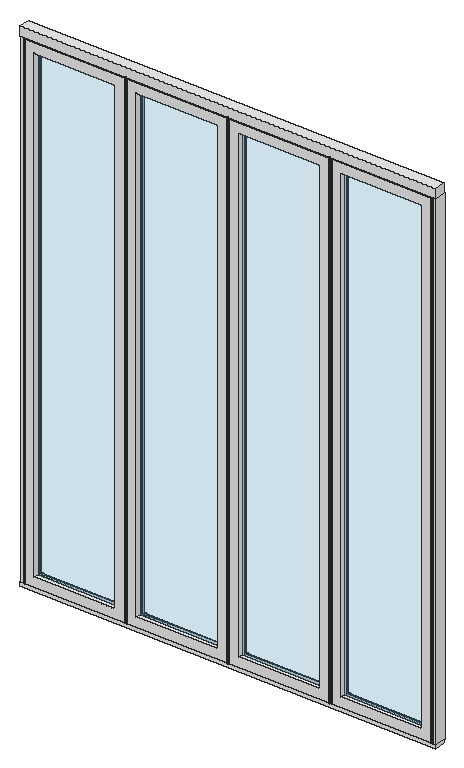
Revit family "98134", category Windows, host Wall, Revit 2018 (continued)
Definition of nested family "Left-Jamb_SL-70"
  Definition of nested family "Detail Item_Left-Jamb_SL-70"
    Lines and regions (mm)
      model lines, in view "Ref. Level", visible <- "Half"
        curve 253: arc (82.546, -26.932, 0) -> (82.384, -26.823, 0) -> (82.193, -26.785, 0) r 0.5
        curve 254: arc (82.6, -35.585, 0) -> (82.249, -34.737, 0) -> (81.4, -34.385, 0) r 1.2
        curve 255: arc (82.546, -26.932, 0) -> (82.384, -26.823, 0) -> (82.193, -26.785, 0) r 0.5
        curve 256: arc (82.6, -35.585, 0) -> (82.249, -34.737, 0) -> (81.4, -34.385, 0) r 1.2
        curve 257: arc (82.546, -26.932, 0) -> (82.384, -26.823, 0) -> (82.193, -26.785, 0) r 0.5
        curve 258: arc (82.6, -35.585, 0) -> (82.249, -34.737, 0) -> (81.4, -34.385, 0) r 1.2
        curve 259: arc (82.546, -26.932, 0) -> (82.384, -26.823, 0) -> (82.193, -26.785, 0) r 0.5
        curve 260: arc (77.95, -27.06, 0) -> (77.767, -27.243, 0) -> (77.7, -27.493, 0) r 0.5
        curve 261: arc (77.95, -27.06, 0) -> (77.767, -27.243, 0) -> (77.7, -27.493, 0) r 0.5
        curve 262: arc (77.95, -27.06, 0) -> (77.767, -27.243, 0) -> (77.7, -27.493, 0) r 0.5
        curve 263: arc (77.95, -27.06, 0) -> (77.767, -27.243, 0) -> (77.7, -27.493, 0) r 0.5
        curve 264: arc (77.7, -28.085, 0) -> (77.846, -28.439, 0) -> (78.2, -28.585, 0) r 0.5
        curve 265: arc (77.7, -28.085, 0) -> (77.846, -28.439, 0) -> (78.2, -28.585, 0) r 0.5
        curve 266: arc (77.7, -28.085, 0) -> (77.846, -28.439, 0) -> (78.2, -28.585, 0) r 0.5
        curve 267: arc (77.7, -28.085, 0) -> (77.846, -28.439, 0) -> (78.2, -28.585, 0) r 0.5
        curve 268: arc (79.5, -26.685, 0) -> (79.35, -26.425, 0) -> (79.05, -26.425, 0) r 0.3
        curve 269: arc (79.5, -26.685, 0) -> (79.35, -26.425, 0) -> (79.05, -26.425, 0) r 0.3
        curve 270: arc (79.5, -26.685, 0) -> (79.35, -26.425, 0) -> (79.05, -26.425, 0) r 0.3
        curve 271: arc (79.5, -26.685, 0) -> (79.35, -26.425, 0) -> (79.05, -26.425, 0) r 0.3
        curve 272: arc (78.393, -35.644, 0) -> (78.534, -35.702, 0) -> (78.676, -35.644, 0) r 0.2
        curve 273: arc (78.393, -35.644, 0) -> (78.534, -35.702, 0) -> (78.676, -35.644, 0) r 0.2
        curve 274: arc (78.393, -35.644, 0) -> (78.534, -35.702, 0) -> (78.676, -35.644, 0) r 0.2
        curve 275: arc (78.393, -35.644, 0) -> (78.534, -35.702, 0) -> (78.676, -35.644, 0) r 0.2
        curve 276: arc (78.1, -34.385, 0) -> (77.73, -34.632, 0) -> (77.817, -35.068, 0) r 0.4
        curve 277: arc (78.1, -34.385, 0) -> (77.73, -34.632, 0) -> (77.817, -35.068, 0) r 0.4
        curve 278: arc (78.1, -34.385, 0) -> (77.73, -34.632, 0) -> (77.817, -35.068, 0) r 0.4
        curve 279: arc (78.1, -34.385, 0) -> (77.73, -34.632, 0) -> (77.817, -35.068, 0) r 0.4
        curve 280: arc (89, -20.385, 0) -> (89.351, -21.234, 0) -> (90.2, -21.585, 0) r 1.2
        curve 281: arc (89, -20.385, 0) -> (89.351, -21.234, 0) -> (90.2, -21.585, 0) r 1.2
        curve 282: arc (89, -20.385, 0) -> (89.351, -21.234, 0) -> (90.2, -21.585, 0) r 1.2
        curve 283: arc (89, -20.385, 0) -> (89.351, -21.234, 0) -> (90.2, -21.585, 0) r 1.2
        curve 284: arc (82.854, -27.239, 0) -> (83.016, -27.347, 0) -> (83.207, -27.385, 0) r 0.5
        curve 285: arc (82.854, -27.239, 0) -> (83.016, -27.347, 0) -> (83.207, -27.385, 0) r 0.5
        curve 286: arc (82.854, -27.239, 0) -> (83.016, -27.347, 0) -> (83.207, -27.385, 0) r 0.5
        curve 287: arc (82.854, -27.239, 0) -> (83.016, -27.347, 0) -> (83.207, -27.385, 0) r 0.5
        curve 288: line (87.333, -10.712, 0) -> (95.356, -14.949, 0)
        curve 289: line (98.723, -11.441, 0) -> (98.187, -14.482, 0)
        curve 290: line (96.808, -14.239, 0) -> (97.344, -11.198, 0)
        curve 291: line (103.645, -11.676, 0) -> (102.386, -18.819, 0)
        curve 292: line (102.386, -18.819, 0) -> (101, -19.619, 0)
        curve 293: line (101, -19.619, 0) -> (101, -17.619, 0)
        curve 294: line (101, -17.619, 0) -> (98.5, -17.619, 0)
        curve 295: line (98.5, -17.619, 0) -> (98.5, -18.419, 0)
        curve 296: line (98.5, -18.419, 0) -> (86.585, -12.127, 0)
        curve 297: line (101.709, 13.381, 0) -> (98.543, 13.381, 0)
        curve 298: line (92.912, 19.45, 0) -> (92.742, 19.693, 0)
        curve 299: line (91.979, 19.759, 0) -> (90.6, 18.381, 0)
        curve 300: line (90.6, 18.381, 0) -> (91.4, 18.381, 0)
        curve 301: line (97.358, 19.693, 0) -> (97.188, 19.45, 0)
        curve 302: line (95.55, 18.597, 0) -> (94.55, 18.597, 0)
        curve 303: line (91.4, 16.431, 0) -> (96.846, 16.431, 0)
        curve 304: line (90.6, 17.181, 0) -> (90.6, 17.381, 0)
        curve 305: line (90.6, 17.381, 0) -> (91.4, 17.381, 0)
        curve 306: line (91.4, 17.381, 0) -> (91.4, 18.381, 0)
        curve 307: line (91.4, 18.381, 0) -> (91.4, 17.381, 0)
        curve 308: line (98.121, 19.759, 0) -> (99.5, 18.381, 0)
        curve 309: line (99.5, 18.381, 0) -> (98.5, 18.381, 0)
        curve 310: line (98.5, 18.381, 0) -> (98.5, 17.381, 0)
        curve 311: line (98.5, 17.381, 0) -> (100.982, 17.381, 0)
        curve 312: line (100.982, 17.381, 0) -> (98.5, 17.381, 0)
        curve 313: line (98.5, 17.381, 0) -> (98.5, 18.381, 0)
        curve 314: line (98.5, 18.381, 0) -> (99.5, 18.381, 0)
        curve 315: line (99.5, 18.381, 0) -> (99.5, 20.381, 0)
        curve 575: line (63.65, 32.181, 0) -> (58.85, 32.181, 0)
        curve 576: line (58.85, 32.181, 0) -> (58.85, 33.181, 0)
        curve 577: line (58.85, 33.181, 0) -> (63.65, 33.181, 0)
        curve 578: line (63.65, 33.181, 0) -> (63.65, 32.181, 0)
        curve 579: line (61.25, 29.181, 0) -> (61.25, 32.181, 0)
        curve 580: line (61.25, 32.181, 0) -> (60.721, 29.181, 0)
        curve 581: line (60.235, 32.181, 0) -> (59.706, 29.181, 0)
        curve 582: line (60.742, 32.181, 0) -> (60.213, 29.181, 0)
        curve 583: line (61.25, 32.181, 0) -> (61.779, 29.181, 0)
        curve 584: line (61.758, 32.181, 0) -> (62.287, 29.181, 0)
        curve 585: line (62.265, 32.181, 0) -> (62.794, 29.181, 0)
        curve 586: line (50.39, -22.919, 0) -> (49.1, -21.629, 0)
        curve 587: line (56.1, -21.41, 0) -> (54.59, -22.919, 0)
        curve 588: line (44.45, -18.419, 0) -> (56.2, -18.419, 0)
        curve 589: line (57.2, -19.419, 0) -> (57.2, -19.619, 0)
        curve 590: line (57.2, -19.619, 0) -> (55.25, -19.619, 0)
        curve 591: line (55.1, -19.769, 0) -> (55.1, -21.219, 0)
        curve 592: line (55.1, -21.219, 0) -> (55.737, -20.895, 0)
        curve 593: line (56.1, -21.118, 0) -> (56.1, -21.41, 0)
        curve 594: line (54.3, -21.519, 0) -> (54.3, -20.519, 0)
        curve 595: line (49.463, -21.114, 0) -> (50.1, -21.438, 0)
        curve 596: line (50.1, -21.438, 0) -> (50.1, -19.769, 0)
        curve 597: line (50.9, -20.519, 0) -> (50.9, -21.519, 0)
        curve 598: line (53.8, -20.019, 0) -> (51.4, -20.019, 0)
        curve 599: line (49.95, -19.619, 0) -> (47.35, -19.619, 0)
        curve 600: line (49.1, -21.629, 0) -> (49.1, -21.337, 0)
        curve 601: line (47.2, -19.769, 0) -> (47.2, -21.267, 0)
        curve 602: line (54.59, -22.919, 0) -> (50.39, -22.919, 0)
        curve 603: line (51.4, -22.019, 0) -> (53.8, -22.019, 0)
        curve 604: line (79.755, 10.089, 0) -> (79.755, 8.647, 0)
        curve 605: line (79.755, 8.647, 0) -> (79.955, 8.647, 0)
        curve 606: line (80.842, 9.802, 0) -> (81.102, 10.061, 0)
        curve 607: line (81.16, 10.22, 0) -> (81.028, 11.721, 0)
        curve 608: line (81.124, 13.147, 0) -> (81.124, 16.805, 0)
        curve 609: line (81.124, 16.805, 0) -> (79.876, 17.14, 0)
        curve 610: line (79.624, 16.947, 0) -> (79.624, 15.147, 0)
        curve 611: line (79.624, 15.147, 0) -> (76.224, 15.147, 0)
        curve 612: line (76.224, 15.147, 0) -> (76.224, 27.847, 0)
        curve 613: line (76.224, 27.847, 0) -> (79.624, 27.847, 0)
        curve 614: line (79.624, 27.847, 0) -> (80.124, 24.347, 0)
        curve 615: line (80.124, 24.347, 0) -> (81.124, 24.347, 0)
        curve 616: line (81.124, 24.347, 0) -> (81.124, 27.847, 0)
        curve 617: line (81.124, 27.847, 0) -> (94.124, 27.847, 0)
        curve 618: line (98.82, 22.347, 0) -> (90.824, 22.347, 0)
        curve 619: line (89.324, 20.847, 0) -> (89.324, 18.847, 0)
        curve 620: line (90.524, 17.647, 0) -> (91.524, 17.647, 0)
        curve 621: line (91.524, 17.647, 0) -> (91.524, 18.647, 0)
        curve 622: line (91.524, 18.647, 0) -> (90.524, 18.647, 0)
        curve 623: line (90.524, 18.647, 0) -> (90.524, 20.647, 0)
        curve 624: line (90.524, 20.647, 0) -> (99.624, 20.647, 0)
        curve 625: line (99.624, 20.647, 0) -> (99.624, 18.647, 0)
        curve 626: line (99.624, 18.647, 0) -> (98.624, 18.647, 0)
        curve 627: line (98.624, 18.647, 0) -> (98.624, 17.647, 0)
        curve 628: line (98.624, 17.647, 0) -> (101.124, 17.647, 0)
        curve 629: line (101.124, 17.647, 0) -> (101.124, 22.647, 0)
        curve 630: line (94.124, 29.647, 0) -> (57.624, 29.647, 0)
        curve 631: line (57.624, 24.988, 0) -> (58.872, 24.653, 0)
        curve 632: line (59.124, 24.847, 0) -> (59.124, 27.847, 0)
        curve 633: line (59.124, 27.847, 0) -> (62.524, 27.847, 0)
        curve 634: line (62.524, 27.847, 0) -> (62.524, 15.147, 0)
        curve 635: line (62.524, 15.147, 0) -> (59.124, 15.147, 0)
        curve 636: line (59.124, 15.147, 0) -> (59.124, 16.947, 0)
        curve 637: line (58.872, 17.14, 0) -> (57.624, 16.805, 0)
        curve 638: line (57.624, 16.805, 0) -> (57.624, 13.147, 0)
        curve 639: line (57.624, 13.147, 0) -> (57.624, 16.805, 0)
        curve 640: line (57.72, 11.721, 0) -> (57.589, 10.22, 0)
        curve 641: line (78.127, -8.462, 0) -> (79.532, -8.085, 0)
        curve 642: line (79.755, -7.795, 0) -> (79.755, -6.353, 0)
        curve 643: line (79.755, -6.353, 0) -> (79.955, -6.353, 0)
        curve 644: line (80.842, -7.509, 0) -> (81.102, -7.768, 0)
        curve 645: line (81.16, -7.927, 0) -> (81.028, -9.427, 0)
        curve 646: line (81.124, -10.853, 0) -> (81.124, -14.512, 0)
        curve 647: line (81.124, -14.512, 0) -> (79.876, -14.847, 0)
        curve 648: line (79.624, -14.653, 0) -> (79.624, -12.853, 0)
        curve 649: line (79.624, -12.853, 0) -> (76.224, -12.853, 0)
        curve 650: line (76.224, -12.853, 0) -> (76.224, -24.353, 0)
        curve 651: line (76.224, -24.353, 0) -> (79.624, -24.353, 0)
        curve 652: line (79.624, -24.353, 0) -> (79.624, -22.553, 0)
        curve 653: line (79.876, -22.36, 0) -> (81.124, -22.695, 0)
        curve 654: line (81.124, -22.695, 0) -> (81.124, -27.512, 0)
        curve 655: line (81.124, -27.512, 0) -> (79.876, -27.847, 0)
        curve 656: line (79.624, -27.653, 0) -> (79.624, -25.853, 0)
        curve 657: line (79.624, -25.853, 0) -> (76.224, -25.853, 0)
        curve 658: line (76.224, -25.853, 0) -> (76.224, -38.553, 0)
        curve 659: line (76.224, -38.553, 0) -> (79.624, -38.553, 0)
        curve 660: line (79.624, -38.553, 0) -> (79.624, -35.553, 0)
        curve 661: line (79.876, -35.36, 0) -> (81.124, -35.695, 0)
        curve 662: line (81.124, -40.353, 0) -> (42.624, -40.353, 0)
        curve 663: line (42.624, -35.695, 0) -> (43.872, -35.36, 0)
        curve 664: line (44.124, -35.553, 0) -> (44.124, -38.553, 0)
        curve 665: line (44.124, -38.553, 0) -> (47.524, -38.553, 0)
        curve 666: line (47.524, -38.553, 0) -> (47.524, -25.853, 0)
        curve 667: line (47.524, -25.853, 0) -> (44.124, -25.853, 0)
        curve 668: line (44.124, -25.853, 0) -> (44.124, -27.653, 0)
        curve 669: line (43.872, -27.847, 0) -> (42.624, -27.512, 0)
        curve 670: line (42.624, -27.512, 0) -> (42.821, -25.266, 0)
        curve 671: line (43.817, -24.353, 0) -> (47.524, -24.353, 0)
        curve 672: line (47.524, -24.353, 0) -> (47.524, -20.353, 0)
        curve 673: line (48.524, -19.353, 0) -> (49.724, -19.353, 0)
        curve 674: line (55.724, -19.353, 0) -> (62.524, -19.353, 0)
        curve 675: line (62.524, -19.353, 0) -> (62.524, -12.853, 0)
        curve 676: line (62.524, -12.853, 0) -> (58.624, -12.853, 0)
        curve 677: line (57.624, -11.853, 0) -> (57.624, -10.853, 0)
        curve 678: line (57.72, -9.427, 0) -> (57.589, -7.927, 0)
        curve 679: line (57.84, -7.716, 0) -> (60.622, -8.462, 0)
        curve 680: line (99.6, -20.385, 0) -> (90.2, -20.385, 0)
        curve 681: line (90.2, -20.385, 0) -> (90.2, -18.385, 0)
        curve 682: line (90.2, -18.385, 0) -> (90.2, -20.385, 0)
        curve 683: line (90.2, -20.385, 0) -> (90.2, -18.385, 0)
        curve 684: line (90.2, -18.385, 0) -> (90.2, -20.385, 0)
        curve 685: line (90.2, -20.385, 0) -> (99.6, -20.385, 0)
        curve 686: line (99.6, -20.385, 0) -> (90.2, -20.385, 0)
        curve 687: line (90.2, -20.385, 0) -> (99.6, -20.385, 0)
        curve 688: line (89, -20.385, 0) -> (89, -18.385, 0)
        curve 689: line (89, -18.385, 0) -> (89, -20.385, 0)
        curve 690: line (89, -20.385, 0) -> (89, -18.385, 0)
        curve 691: line (89, -18.385, 0) -> (89, -20.385, 0)
        curve 692: line (98.8, -17.385, 0) -> (101, -17.385, 0)
        curve 693: line (101, -17.385, 0) -> (98.8, -17.385, 0)
        curve 694: line (98.8, -17.385, 0) -> (101, -17.385, 0)
        curve 695: line (101, -17.385, 0) -> (101, -40.385, 0)
        curve 696: line (101, -40.385, 0) -> (101, -17.385, 0)
        curve 697: line (101, -17.385, 0) -> (101, -40.385, 0)
        curve 698: line (101, -40.385, 0) -> (101, -17.385, 0)
        curve 699: line (101, -17.385, 0) -> (98.8, -17.385, 0)
        curve 700: line (90, -17.385, 0) -> (91.1, -17.385, 0)
        curve 701: line (91.1, -17.385, 0) -> (90, -17.385, 0)
        curve 702: line (90, -17.385, 0) -> (91.1, -17.385, 0)
        curve 703: line (91.1, -17.385, 0) -> (90, -17.385, 0)
        curve 704: line (90.2, -18.385, 0) -> (91.4, -18.385, 0)
        curve 705: line (91.4, -18.385, 0) -> (90.2, -18.385, 0)
        curve 706: line (90.2, -18.385, 0) -> (91.4, -18.385, 0)
        curve 707: line (91.4, -18.385, 0) -> (90.2, -18.385, 0)
        curve 708: line (91.4, -18.385, 0) -> (91.4, -17.685, 0)
        curve 709: line (91.4, -17.685, 0) -> (91.4, -18.385, 0)
        curve 710: line (91.4, -18.385, 0) -> (91.4, -17.685, 0)
        curve 711: line (91.4, -17.685, 0) -> (91.4, -18.385, 0)
        curve 712: line (98.5, -18.385, 0) -> (99.6, -18.385, 0)
        curve 713: line (99.6, -18.385, 0) -> (99.6, -20.385, 0)
        curve 714: line (99.6, -20.385, 0) -> (99.6, -18.385, 0)
        curve 715: line (99.6, -18.385, 0) -> (99.6, -20.385, 0)
        curve 716: line (99.6, -20.385, 0) -> (99.6, -18.385, 0)
        curve 717: line (99.6, -18.385, 0) -> (98.5, -18.385, 0)
        curve 718: line (98.5, -18.385, 0) -> (99.6, -18.385, 0)
        curve 719: line (99.6, -18.385, 0) -> (98.5, -18.385, 0)
        curve 720: line (98.5, -18.385, 0) -> (98.5, -17.619, 0)
        curve 721: line (98.5, -17.619, 0) -> (98.5, -18.385, 0)
        curve 722: line (98.5, -18.385, 0) -> (98.5, -17.619, 0)
        curve 723: line (98.5, -17.619, 0) -> (98.5, -18.385, 0)
        curve 724: line (99.6, -27.385, 0) -> (99.6, -21.585, 0)
        curve 725: line (99.6, -21.585, 0) -> (90.2, -21.585, 0)
        curve 726: line (90.2, -21.585, 0) -> (99.6, -21.585, 0)
        curve 727: line (99.6, -21.585, 0) -> (90.2, -21.585, 0)
        curve 728: line (90.2, -21.585, 0) -> (99.6, -21.585, 0)
        curve 729: line (99.6, -21.585, 0) -> (99.6, -27.385, 0)
        curve 730: line (99.6, -27.385, 0) -> (99.6, -21.585, 0)
        curve 731: line (99.6, -21.585, 0) -> (99.6, -27.385, 0)
        curve 732: line (99.6, -38.985, 0) -> (99.6, -28.585, 0)
        curve 733: line (99.6, -28.585, 0) -> (78.2, -28.585, 0)
        curve 734: line (78.2, -28.585, 0) -> (99.6, -28.585, 0)
        curve 735: line (99.6, -28.585, 0) -> (78.2, -28.585, 0)
        curve 736: line (78.2, -28.585, 0) -> (99.6, -28.585, 0)
        curve 737: line (99.6, -28.585, 0) -> (99.6, -38.985, 0)
        curve 738: line (99.6, -38.985, 0) -> (99.6, -28.585, 0)
        curve 739: line (99.6, -28.585, 0) -> (99.6, -38.985, 0)
        curve 740: line (83.207, -27.385, 0) -> (99.6, -27.385, 0)
        curve 741: line (99.6, -27.385, 0) -> (83.207, -27.385, 0)
        curve 742: line (83.207, -27.385, 0) -> (99.6, -27.385, 0)
        curve 743: line (99.6, -27.385, 0) -> (83.207, -27.385, 0)
        curve 744: line (101, -40.385, 0) -> (81, -40.385, 0)
        curve 745: line (81, -40.385, 0) -> (101, -40.385, 0)
        curve 746: line (101, -40.385, 0) -> (81, -40.385, 0)
        curve 747: line (81, -40.385, 0) -> (101, -40.385, 0)
        curve 748: line (82.6, -35.585, 0) -> (82.6, -38.985, 0)
        curve 749: line (82.6, -38.985, 0) -> (99.6, -38.985, 0)
        curve 750: line (99.6, -38.985, 0) -> (82.6, -38.985, 0)
        curve 751: line (82.6, -38.985, 0) -> (99.6, -38.985, 0)
        curve 752: line (99.6, -38.985, 0) -> (82.6, -38.985, 0)
        curve 753: line (82.6, -38.985, 0) -> (82.6, -35.585, 0)
        curve 754: line (82.6, -35.585, 0) -> (82.6, -38.985, 0)
        curve 755: line (82.6, -38.985, 0) -> (82.6, -35.585, 0)
        curve 756: line (81, -39.185, 0) -> (81.4, -39.185, 0)
        curve 757: line (81.4, -39.185, 0) -> (81.4, -35.385, 0)
        curve 758: line (81.4, -35.385, 0) -> (81.4, -39.185, 0)
        curve 759: line (81.4, -39.185, 0) -> (81.4, -35.385, 0)
        curve 760: line (81.4, -35.385, 0) -> (81.4, -39.185, 0)
        curve 761: line (81.4, -39.185, 0) -> (81, -39.185, 0)
        curve 762: line (81, -39.185, 0) -> (81.4, -39.185, 0)
        curve 763: line (81.4, -39.185, 0) -> (81, -39.185, 0)
        curve 764: line (77.95, -27.06, 0) -> (79.05, -26.425, 0)
        curve 765: line (79.05, -26.425, 0) -> (77.95, -27.06, 0)
        curve 766: line (77.95, -27.06, 0) -> (79.05, -26.425, 0)
        curve 767: line (79.05, -26.425, 0) -> (77.95, -27.06, 0)
        curve 768: line (77.7, -28.085, 0) -> (77.7, -27.493, 0)
        curve 769: line (77.7, -27.493, 0) -> (77.7, -28.085, 0)
        curve 770: line (77.7, -28.085, 0) -> (77.7, -27.493, 0)
        curve 771: line (77.7, -27.493, 0) -> (77.7, -28.085, 0)
        curve 772: line (79.5, -26.685, 0) -> (79.5, -27.085, 0)
        curve 773: line (79.5, -27.085, 0) -> (79.5, -26.685, 0)
        curve 774: line (79.5, -26.685, 0) -> (79.5, -27.085, 0)
        curve 775: line (79.5, -27.085, 0) -> (79.5, -26.685, 0)
        curve 776: line (79.2, -27.085, 0) -> (79.2, -27.585, 0)
        curve 777: line (79.2, -27.585, 0) -> (81.4, -27.585, 0)
        curve 778: line (81.4, -27.585, 0) -> (79.2, -27.585, 0)
        curve 779: line (79.2, -27.585, 0) -> (81.4, -27.585, 0)
        curve 780: line (81.4, -27.585, 0) -> (81.4, -26.785, 0)
        curve 781: line (81.4, -26.785, 0) -> (81.4, -27.585, 0)
        curve 782: line (81.4, -27.585, 0) -> (81.4, -26.785, 0)
        curve 783: line (81.4, -26.785, 0) -> (81.4, -27.585, 0)
        curve 784: line (81.4, -27.585, 0) -> (79.2, -27.585, 0)
        curve 785: line (79.2, -27.585, 0) -> (79.2, -27.085, 0)
        curve 786: line (79.2, -27.085, 0) -> (79.2, -27.585, 0)
        curve 787: line (79.2, -27.585, 0) -> (79.2, -27.085, 0)
        curve 788: line (81.4, -26.785, 0) -> (82.193, -26.785, 0)
        curve 789: line (82.193, -26.785, 0) -> (81.4, -26.785, 0)
        curve 790: line (81.4, -26.785, 0) -> (82.193, -26.785, 0)
        curve 791: line (82.193, -26.785, 0) -> (81.4, -26.785, 0)
        curve 792: line (79.5, -27.085, 0) -> (79.2, -27.085, 0)
        curve 793: line (79.2, -27.085, 0) -> (79.5, -27.085, 0)
        curve 794: line (79.5, -27.085, 0) -> (79.2, -27.085, 0)
        curve 795: line (79.2, -27.085, 0) -> (79.5, -27.085, 0)
        curve 796: line (78.1, -34.385, 0) -> (81.4, -34.385, 0)
        curve 797: line (81.4, -34.385, 0) -> (78.1, -34.385, 0)
        curve 798: line (78.1, -34.385, 0) -> (81.4, -34.385, 0)
        curve 799: line (81.4, -34.385, 0) -> (78.1, -34.385, 0)
        curve 800: line (78.393, -35.644, 0) -> (77.817, -35.068, 0)
        curve 801: line (77.817, -35.068, 0) -> (78.393, -35.644, 0)
        curve 802: line (78.393, -35.644, 0) -> (77.817, -35.068, 0)
        curve 803: line (77.817, -35.068, 0) -> (78.393, -35.644, 0)
        curve 804: line (81.4, -35.385, 0) -> (78.934, -35.385, 0)
        curve 805: line (78.934, -35.385, 0) -> (81.4, -35.385, 0)
        curve 806: line (81.4, -35.385, 0) -> (78.934, -35.385, 0)
        curve 807: line (78.934, -35.385, 0) -> (81.4, -35.385, 0)
        curve 808: line (78.934, -35.385, 0) -> (78.676, -35.644, 0)
        curve 809: line (78.676, -35.644, 0) -> (78.934, -35.385, 0)
        curve 810: line (78.934, -35.385, 0) -> (78.676, -35.644, 0)
        curve 811: line (78.676, -35.644, 0) -> (78.934, -35.385, 0)
        curve 812: line (82.546, -26.932, 0) -> (82.854, -27.239, 0)
        curve 813: line (82.854, -27.239, 0) -> (82.546, -26.932, 0)
        curve 814: line (82.546, -26.932, 0) -> (82.854, -27.239, 0)
        curve 815: line (82.854, -27.239, 0) -> (82.546, -26.932, 0)
        curve 816: line (81, -40.385, 0) -> (81, -39.185, 0)
        curve 817: line (81, -39.185, 0) -> (81, -40.385, 0)
        curve 818: line (81, -40.385, 0) -> (81, -39.185, 0)
        curve 819: line (81, -39.185, 0) -> (81, -40.385, 0)
        curve 820: line (49.224, -20.353, 0) -> (50.224, -20.353, 0)
        curve 821: line (50.224, -20.353, 0) -> (50.224, -19.853, 0)
        curve 822: line (50.224, -19.853, 0) -> (50.224, -20.353, 0)
        curve 823: line (50.224, -20.353, 0) -> (49.224, -20.353, 0)
        curve 824: line (49.224, -20.353, 0) -> (49.224, -24.353, 0)
        curve 825: line (49.224, -24.353, 0) -> (56.224, -24.353, 0)
        curve 826: line (56.224, -24.353, 0) -> (56.224, -20.353, 0)
        curve 827: line (56.224, -20.353, 0) -> (55.224, -20.353, 0)
        curve 828: line (55.224, -20.353, 0) -> (55.224, -19.853, 0)
        curve 829: line (57.839, 10.009, 0) -> (60.673, 10.768, 0)
        curve 830: line (60.673, 10.768, 0) -> (59.873, 12.16, 0)
        curve 831: line (59.873, 12.16, 0) -> (59.748, 12.323, 0)
        curve 832: line (59.748, 12.323, 0) -> (59.33, 12.737, 0)
        curve 833: line (59.33, 12.737, 0) -> (59.227, 13.144, 0)
        curve 834: line (59.227, 13.144, 0) -> (64.024, 13.144, 0)
        curve 835: line (64.024, 13.144, 0) -> (64.024, 12.386, 0)
        curve 836: line (64.024, 12.386, 0) -> (63.076, 10.744, 0)
        curve 837: line (63.244, 10.642, 0) -> (64.325, 10.646, 0)
        curve 838: line (64.325, 10.646, 0) -> (65.172, 10.877, 0)
        curve 839: line (65.172, 10.877, 0) -> (65.794, 11.494, 0)
        curve 840: line (65.794, 11.494, 0) -> (66.02, 12.331, 0)
        curve 841: line (66.02, 12.331, 0) -> (66.027, 12.637, 0)
        curve 842: line (66.027, 12.637, 0) -> (66.18, 12.99, 0)
        curve 843: line (66.18, 12.99, 0) -> (66.525, 13.142, 0)
        curve 844: line (66.525, 13.142, 0) -> (72.23, 13.142, 0)
        curve 845: line (72.23, 13.142, 0) -> (72.57, 12.997, 0)
        curve 846: line (72.57, 12.997, 0) -> (72.725, 12.646, 0)
        curve 847: line (72.725, 12.646, 0) -> (72.723, 12.346, 0)
        curve 848: line (72.723, 12.346, 0) -> (72.955, 11.491, 0)
        curve 849: line (72.955, 11.491, 0) -> (73.588, 10.865, 0)
        curve 850: line (73.588, 10.865, 0) -> (74.424, 10.643, 0)
        curve 851: line (74.424, 10.643, 0) -> (75.731, 10.643, 0)
        curve 852: line (75.731, 10.643, 0) -> (74.724, 12.388, 0)
        curve 853: line (74.724, 12.388, 0) -> (74.732, 13.145, 0)
        curve 854: line (74.732, 13.145, 0) -> (79.522, 13.145, 0)
        curve 855: line (79.522, 13.145, 0) -> (79.423, 12.742, 0)
        curve 856: line (79.423, 12.742, 0) -> (79.14, 12.437, 0)
        curve 857: line (79.14, 12.437, 0) -> (78.989, 12.315, 0)
        curve 858: line (78.989, 12.315, 0) -> (78.278, 11.124, 0)
        curve 859: line (79.534, 10.378, 0) -> (79.693, 10.271, 0)
        curve 860: line (79.693, 10.271, 0) -> (79.755, 10.089, 0)
        curve 861: line (79.755, 10.089, 0) -> (79.755, 8.647, 0)
        curve 862: line (79.755, 8.647, 0) -> (79.955, 8.647, 0)
        curve 863: line (64.261, 27.813, 0) -> (74.52, 27.813, 0)
        curve 864: line (74.52, 27.813, 0) -> (74.52, 15.146, 0)
        curve 865: line (74.52, 15.146, 0) -> (64.261, 15.146, 0)
        curve 866: line (64.261, 15.146, 0) -> (64.261, 27.813, 0)
        curve 867: line (49.287, -26.102, 0) -> (49.287, -38.563, 0)
        curve 868: line (49.287, -38.563, 0) -> (62.559, -38.563, 0)
        curve 869: line (62.559, -38.563, 0) -> (62.572, -37.587, 0)
        curve 870: line (62.572, -37.587, 0) -> (62.866, -36.856, 0)
        curve 871: line (62.866, -36.856, 0) -> (63.584, -36.575, 0)
        curve 872: line (63.584, -36.575, 0) -> (64.273, -36.575, 0)
        curve 873: line (64.273, -36.575, 0) -> (64.273, -38.589, 0)
        curve 874: line (64.273, -38.589, 0) -> (74.553, -38.589, 0)
        curve 875: line (74.553, -38.589, 0) -> (74.553, -12.897, 0)
        curve 876: line (74.553, -12.897, 0) -> (64.252, -12.897, 0)
        curve 877: line (64.252, -12.897, 0) -> (64.252, -19.475, 0)
        curve 878: line (64.252, -19.475, 0) -> (64.086, -20.25, 0)
        curve 879: line (64.086, -20.25, 0) -> (63.41, -20.903, 0)
        curve 880: line (63.41, -20.903, 0) -> (62.574, -21.099, 0)
        curve 881: line (62.574, -21.099, 0) -> (57.974, -21.099, 0)
        curve 882: line (57.974, -21.099, 0) -> (57.974, -24.411, 0)
        curve 883: line (57.974, -24.411, 0) -> (57.75, -25.243, 0)
        curve 884: line (57.75, -25.243, 0) -> (57.083, -25.882, 0)
        curve 885: line (57.083, -25.882, 0) -> (56.255, -26.102, 0)
        curve 886: line (56.255, -26.102, 0) -> (49.287, -26.102, 0)
        curve 887: line (60.772, -8.561, 0) -> (60.588, -8.888, 0)
        curve 888: line (60.517, -8.861, 0) -> (59.922, -9.908, 0)
        curve 889: line (59.922, -9.908, 0) -> (59.806, -10.052, 0)
        curve 890: line (59.806, -10.052, 0) -> (59.619, -10.215, 0)
        curve 891: line (59.619, -10.215, 0) -> (59.379, -10.483, 0)
        curve 892: line (59.379, -10.483, 0) -> (59.278, -10.888, 0)
        curve 893: line (59.278, -10.888, 0) -> (64.066, -10.888, 0)
        curve 894: line (64.066, -10.888, 0) -> (64.066, -10.106, 0)
        curve 895: line (64.066, -10.106, 0) -> (63.138, -8.497, 0)
        curve 896: line (63.292, -8.385, 0) -> (64.38, -8.389, 0)
        curve 897: line (64.38, -8.389, 0) -> (65.023, -8.509, 0)
        curve 898: line (65.023, -8.509, 0) -> (65.583, -8.887, 0)
        curve 899: line (65.583, -8.887, 0) -> (65.979, -9.442, 0)
        curve 900: line (65.979, -9.442, 0) -> (66.087, -10.092, 0)
        curve 901: line (66.087, -10.092, 0) -> (66.077, -10.383, 0)
        curve 902: line (66.077, -10.383, 0) -> (66.226, -10.74, 0)
        curve 903: line (66.226, -10.74, 0) -> (66.556, -10.862, 0)
        curve 904: line (66.556, -10.862, 0) -> (72.295, -10.876, 0)
        curve 905: line (72.295, -10.876, 0) -> (72.641, -10.716, 0)
        curve 906: line (72.641, -10.716, 0) -> (72.784, -10.388, 0)
        curve 907: line (72.784, -10.388, 0) -> (72.784, -10.068, 0)
        curve 908: line (72.784, -10.068, 0) -> (72.877, -9.461, 0)
        curve 909: line (72.877, -9.461, 0) -> (73.256, -8.889, 0)
        curve 910: line (73.256, -8.889, 0) -> (73.845, -8.512, 0)
        curve 911: line (73.845, -8.512, 0) -> (74.447, -8.389, 0)
        curve 912: line (74.447, -8.389, 0) -> (75.554, -8.389, 0)
        curve 913: line (75.721, -8.486, 0) -> (74.771, -10.13, 0)
        curve 914: line (74.771, -10.13, 0) -> (74.771, -10.872, 0)
        curve 915: line (74.771, -10.872, 0) -> (79.574, -10.872, 0)
        curve 916: line (79.574, -10.872, 0) -> (79.477, -10.474, 0)
        curve 917: line (79.477, -10.474, 0) -> (79.129, -10.126, 0)
        curve 918: line (79.036, -10.048, 0) -> (78.326, -8.87, 0)
        curve 919: line (78.262, -8.891, 0) -> (78.035, -8.522, 0)
      detail lines, in view "Ref. Level", visible <- "Half"
        curve 920: line (79.532, 10.378, 0) -> (78.279, 11.126, 0)
    Dimensions and locks
      aligned: curve 858 to curve 920
      aligned: curve 204 to curve 920
Definition of nested family "Right-Jamb_SL-70"
  Parameters
    Width = 60"
    Left Jamb = none
    Height = 141 7/16"
    Half = no
    Assembly Code = ""
  Reference planes
    plane 1 "Center (Front/Back)": y = 0
    plane 2: z = 0
    plane 3 "Center (Left/Right)": x = -185.473
    plane 4 "Top": z = 3592.513
  Forms (mm)
    Sweep 1, solid, material <- "Left Jamb"
      path origin (-185.473, -3.473, 0) x (0, 1, 0) y (0, 0, 1)
        loop
          line (0, 3592.512) -> (0, 0)
      profile "Profile_Right-Jamb_SL-70 : Profile_Right-Jamb_SL-70" origin (-185.473, -3.473, 1796.256) x (0, 1, 0) y (1, 0, 0)
        loop
          line (-36.5, 0) -> (43.5, 0) -> (43.5, 23.987) -> (-36.5, 23.987) -> (-36.5, 0)
  Lines and regions (mm)
    Masking region 1
      outline origin (0, 0, 0) x (1, 0, 0) y (0, 1, 0)
        loop
          line (-185.473, 40.027) -> (-185.473, -39.973) -> (-161.486, -39.973) -> (-161.486, 40.027) -> (-185.473, 40.027)
  Dimensions and locks
    "Height": plane 4 "Top" to level
    plane 4 "Top" to level = 141 7/16"
    aligned and locked: level to Sweep 1 sketch curve
    aligned and locked: plane 3 "Center (Left/Right)" to nested 1
    aligned and locked: Masking region 1 sketch curve to plane 3 "Center (Left/Right)"
  Automatic sketch dimensions
    Sweep 1 sketch curve to plane 4 "Top" = 0"
    plane 1 "Center (Front/Back)" to Sweep 1 sketch curve = 35/256"
    Masking region 1 sketch curve to plane 1 "Center (Front/Back)" = 1.57588"
    Masking region 1 sketch curve to Masking region 1 sketch curve = 0.94436"
    plane 1 "Center (Front/Back)" to Masking region 1 sketch curve = 1.57373"
  Nested families
    nested 1: "Detail Item_Right-Jamb_SL-70" at (-185.473, 0.647, 0), type "Detail Item_Right-Jamb_SL-70", detail levels fine
      with Half no
  Definition of nested family "Detail Item_Right-Jamb_SL-70"
    Parameters
      SmartBIM Object Version = 1
      SmartBIM Object Created By = "Reed Construction Data"
      Half = yes
      Assembly Code = ""
      95 CSI = ""
      04 CSI = ""
    Reference planes
      plane 1 "Center (Front/Back)": y = 0
      plane 2: z = 0
      plane 3 "Center (Left/Right)": x = 0
    Lines and regions (mm)
      model lines, in view "Ref. Level"
        curve 1: arc (35, -14.319, 0) -> (33.727, -14.846, 0) -> (33.2, -16.119, 0) r 1.8
        curve 2: arc (30, -24.319, 0) -> (28.727, -24.846, 0) -> (28.2, -26.119, 0) r 1.8
        curve 3: arc (23.2, -37.619, 0) -> (22.907, -36.912, 0) -> (22.2, -36.619, 0) r 1
        curve 21: line (6.8, -38.619, 0) -> (21.7, -38.619, 0)
        curve 22: line (21.7, -38.619, 0) -> (21.7, -36.619, 0)
        curve 23: line (21.7, -36.619, 0) -> (22.2, -36.619, 0)
        curve 24: line (23.2, -37.619, 0) -> (23.2, -38.619, 0)
        curve 25: line (23.2, -38.619, 0) -> (28.2, -38.619, 0)
        curve 26: line (28.2, -38.619, 0) -> (28.2, -26.119, 0)
        curve 27: line (30, -24.319, 0) -> (33.2, -24.319, 0)
        curve 28: line (33.2, -24.319, 0) -> (33.2, -16.119, 0)
        curve 29: line (33.5, -28.119, 0) -> (35, -27.717, 0)
        curve 30: line (35, -27.717, 0) -> (35, -16.119, 0)
        curve 46: line (0, -40.619, 0) -> (35, -40.619, 0)
        curve 47: line (35, -40.619, 0) -> (35, -36.021, 0)
        curve 48: line (35, -36.021, 0) -> (33.5, -35.619, 0)
        curve 49: line (33.5, -35.619, 0) -> (33.5, -38.819, 0)
        curve 50: line (33.5, -38.819, 0) -> (30, -38.819, 0)
        curve 51: line (30, -38.819, 0) -> (30, -32.389, 0)
        curve 52: line (30, -32.389, 0) -> (29.7, -31.869, 0)
        curve 53: line (29.7, -31.869, 0) -> (30, -31.35, 0)
        curve 54: line (30, -31.35, 0) -> (30, -26.119, 0)
        curve 55: line (30, -26.119, 0) -> (33.5, -26.119, 0)
        curve 56: line (33.5, -26.119, 0) -> (33.5, -28.119, 0)
        curve 88: line (0, 39.381, 0) -> (0, -40.619, 0)
        curve 106: arc (16.528, 21.681, 0) -> (16.066, 21.372, 0) -> (16.175, 20.827, 0) r 0.5
        curve 107: arc (16.561, 18.32, 0) -> (17, 19.381, 0) -> (16.561, 20.441, 0) r 1.5
        curve 108: arc (10.7, 16.081, 0) -> (10, 15.381, 0) -> (10.7, 14.681, 0) r 0.7
        curve 109: arc (21.7, 21.681, 0) -> (22.101, 20.556, 0) -> (23.197, 20.081, 0) r 1.5
        curve 110: arc (40, 18.066, 0) -> (39.925, 18.264, 0) -> (39.737, 18.364, 0) r 0.3
        curve 111: arc (39.737, 16.398, 0) -> (39.925, 16.497, 0) -> (40, 16.696, 0) r 0.3
        curve 112: arc (45.1, 12.881, 0) -> (46, 13.781, 0) -> (45.1, 14.681, 0) r 0.9
        curve 113: arc (24.371, 9.308, 0) -> (24.804, 9.395, 0) -> (25, 9.791, 0) r 0.5
        curve 114: arc (22.088, 10.181, 0) -> (22.076, 10.004, 0) -> (22.209, 9.888, 0) r 0.2
        curve 115: arc (23.473, 12.581, 0) -> (23.473, 12.781, 0) -> (23.3, 12.881, 0) r 0.2
        curve 116: arc (18.7, 12.881, 0) -> (18.527, 12.781, 0) -> (18.527, 12.581, 0) r 0.2
        curve 117: arc (19.739, 9.881, 0) -> (19.912, 9.981, 0) -> (19.912, 10.181, 0) r 0.2
        curve 118: arc (17.488, 10.381, 0) -> (17.854, 10.015, 0) -> (18.354, 9.881, 0) r 1
        curve 119: arc (7.446, 9.881, 0) -> (7.946, 10.015, 0) -> (8.312, 10.381, 0) r 1
        curve 120: arc (5.888, 10.181, 0) -> (5.888, 9.981, 0) -> (6.061, 9.881, 0) r 0.2
        curve 121: arc (7.273, 12.581, 0) -> (7.273, 12.781, 0) -> (7.1, 12.881, 0) r 0.2
        curve 122: arc (2.5, 12.881, 0) -> (2.327, 12.781, 0) -> (2.327, 12.581, 0) r 0.2
        curve 123: arc (3.591, 9.888, 0) -> (3.724, 10.004, 0) -> (3.712, 10.181, 0) r 0.2
        curve 124: arc (0.8, 9.791, 0) -> (0.996, 9.395, 0) -> (1.429, 9.308, 0) r 0.5
        curve 125: arc (0, 13.681, 0) -> (0.234, 13.115, 0) -> (0.8, 12.881, 0) r 0.8
        curve 126: arc (11.724, 18.322, 0) -> (11.583, 18.381, 0) -> (11.441, 18.322, 0) r 0.2
        curve 127: arc (11.441, 20.439, 0) -> (11.583, 20.381, 0) -> (11.724, 20.439, 0) r 0.2
        curve 128: arc (65, 34.381, 0) -> (63.536, 37.916, 0) -> (60, 39.381, 0) r 5
        curve 129: arc (62.8, 31.381, 0) -> (62.946, 31.027, 0) -> (63.3, 30.881, 0) r 0.5
        curve 130: arc (59.2, 30.881, 0) -> (59.554, 31.027, 0) -> (59.7, 31.381, 0) r 0.5
        curve 131: arc (57.5, 31.881, 0) -> (57.793, 31.174, 0) -> (58.5, 30.881, 0) r 1
        curve 132: arc (59, 34.681, 0) -> (57.939, 34.241, 0) -> (57.5, 33.181, 0) r 1.5
        curve 133: arc (62.985, 34.681, 0) -> (62.012, 36.606, 0) -> (60, 37.381, 0) r 3
        curve 134: arc (48.7, 35.681, 0) -> (49.139, 34.62, 0) -> (50.2, 34.181, 0) r 1.5
        curve 135: arc (49, 20.881, 0) -> (48.707, 21.588, 0) -> (48, 21.881, 0) r 1
        curve 136: arc (48.7, 19.881, 0) -> (48.912, 19.969, 0) -> (49, 20.181, 0) r 0.3
        curve 137: arc (47.8, 20.081, 0) -> (47.91, 19.936, 0) -> (48.083, 19.881, 0) r 0.3
        curve 138: arc (40, -10.934, 0) -> (39.925, -10.736, 0) -> (39.737, -10.636, 0) r 0.3
        curve 139: arc (45.1, -8.919, 0) -> (46, -8.019, 0) -> (45.1, -7.119, 0) r 0.9
        curve 140: arc (25, -4.03, 0) -> (24.804, -3.633, 0) -> (24.371, -3.547, 0) r 0.5
        curve 141: arc (22.209, -4.126, 0) -> (22.076, -4.243, 0) -> (22.088, -4.419, 0) r 0.2
        curve 142: arc (23.3, -7.119, 0) -> (23.473, -7.019, 0) -> (23.473, -6.819, 0) r 0.2
        curve 143: arc (18.527, -6.819, 0) -> (18.527, -7.019, 0) -> (18.7, -7.119, 0) r 0.2
        curve 144: arc (19.912, -4.419, 0) -> (19.912, -4.219, 0) -> (19.739, -4.119, 0) r 0.2
        curve 145: arc (18.354, -4.119, 0) -> (17.854, -4.253, 0) -> (17.488, -4.619, 0) r 1
        curve 146: arc (8.312, -4.619, 0) -> (7.946, -4.253, 0) -> (7.446, -4.119, 0) r 1
        curve 147: arc (6.061, -4.119, 0) -> (5.888, -4.219, 0) -> (5.888, -4.419, 0) r 0.2
        curve 148: arc (7.1, -7.119, 0) -> (7.273, -7.019, 0) -> (7.273, -6.819, 0) r 0.2
        curve 149: arc (2.327, -6.819, 0) -> (2.327, -7.019, 0) -> (2.5, -7.119, 0) r 0.2
        curve 150: arc (3.712, -4.419, 0) -> (3.724, -4.243, 0) -> (3.591, -4.126, 0) r 0.2
        curve 151: arc (1.429, -3.547, 0) -> (0.996, -3.633, 0) -> (0.8, -4.03, 0) r 0.5
        curve 152: arc (0.8, -7.119, 0) -> (0.234, -7.354, 0) -> (0, -7.919, 0) r 0.8
        curve 153: arc (11.441, -19.561, 0) -> (11.583, -19.619, 0) -> (11.724, -19.561, 0) r 0.2
        curve 154: arc (11.724, -21.678, 0) -> (11.583, -21.619, 0) -> (11.441, -21.678, 0) r 0.2
        curve 155: arc (48, -16.119, 0) -> (48.707, -15.826, 0) -> (49, -15.119, 0) r 1
        curve 156: arc (49, -14.419, 0) -> (48.912, -14.207, 0) -> (48.7, -14.119, 0) r 0.3
        curve 157: arc (48.083, -14.119, 0) -> (47.91, -14.174, 0) -> (47.8, -14.319, 0) r 0.3
        curve 158: arc (39.737, -12.602, 0) -> (39.925, -12.503, 0) -> (40, -12.304, 0) r 0.3
        curve 159: arc (22.2, -26.419, 0) -> (22.907, -26.126, 0) -> (23.2, -25.419, 0) r 1
        curve 160: arc (23.2, -24.419, 0) -> (22.761, -23.359, 0) -> (21.7, -22.919, 0) r 1.5
        curve 161: arc (16.175, -22.066, 0) -> (16.066, -22.611, 0) -> (16.528, -22.919, 0) r 0.5
        curve 162: arc (16.561, -21.68, 0) -> (17, -20.619, 0) -> (16.561, -19.559, 0) r 1.5
        curve 163: arc (3.55, 9.512, 0) -> (3.733, 9.695, 0) -> (3.8, 9.945, 0) r 0.5
        curve 164: arc (3.8, -4.183, 0) -> (3.733, -3.933, 0) -> (3.55, -3.75, 0) r 0.5
        curve 165: arc (3.025, 7.015, 0) -> (2.659, 6.649, 0) -> (2.525, 6.149, 0) r 1
        curve 166: arc (2.525, -0.387, 0) -> (2.659, -0.887, 0) -> (3.025, -1.253, 0) r 1
        curve 167: arc (2.675, -6.919, 0) -> (2.734, -7.061, 0) -> (2.875, -7.119, 0) r 0.2
        curve 168: arc (6.725, -7.119, 0) -> (6.866, -7.061, 0) -> (6.925, -6.919, 0) r 0.2
        curve 169: arc (5.8, -3.433, 0) -> (5.666, -2.933, 0) -> (5.3, -2.567, 0) r 1
        curve 170: arc (5.3, 8.328, 0) -> (5.666, 8.694, 0) -> (5.8, 9.194, 0) r 1
        curve 171: arc (6.925, 12.681, 0) -> (6.866, 12.822, 0) -> (6.725, 12.881, 0) r 0.2
        curve 172: arc (2.875, 12.881, 0) -> (2.734, 12.822, 0) -> (2.675, 12.681, 0) r 0.2
        curve 173: arc (0.725, -1.831, 0) -> (0.792, -2.081, 0) -> (0.975, -2.264, 0) r 0.5
        curve 174: arc (0.975, 8.025, 0) -> (0.792, 7.842, 0) -> (0.725, 7.592, 0) r 0.5
        curve 175: arc (22.25, -3.75, 0) -> (22.067, -3.933, 0) -> (22, -4.183, 0) r 0.5
        curve 176: arc (22, 9.945, 0) -> (22.067, 9.695, 0) -> (22.25, 9.512, 0) r 0.5
        curve 177: arc (22.775, -1.253, 0) -> (23.141, -0.887, 0) -> (23.275, -0.387, 0) r 1
        curve 178: arc (23.275, 6.149, 0) -> (23.141, 6.649, 0) -> (22.775, 7.015, 0) r 1
        curve 179: arc (23.125, 12.681, 0) -> (23.066, 12.822, 0) -> (22.925, 12.881, 0) r 0.2
        curve 180: arc (19.075, 12.881, 0) -> (18.934, 12.822, 0) -> (18.875, 12.681, 0) r 0.2
        curve 181: arc (20, 9.194, 0) -> (20.134, 8.694, 0) -> (20.5, 8.328, 0) r 1
        curve 182: arc (20.5, -2.567, 0) -> (20.134, -2.933, 0) -> (20, -3.433, 0) r 1
        curve 183: arc (18.875, -6.919, 0) -> (18.934, -7.061, 0) -> (19.075, -7.119, 0) r 0.2
        curve 184: arc (22.925, -7.119, 0) -> (23.066, -7.061, 0) -> (23.125, -6.919, 0) r 0.2
        curve 185: arc (25.075, 7.592, 0) -> (25.008, 7.842, 0) -> (24.825, 8.025, 0) r 0.5
        curve 186: arc (24.825, -2.264, 0) -> (25.008, -2.081, 0) -> (25.075, -1.831, 0) r 0.5
        curve 316: line (0.8, 9.791, 0) -> (0.8, 12.881, 0)
        curve 317: line (0, 13.681, 0) -> (0, 16.281, 0)
        curve 318: line (0, 16.281, 0) -> (1.3, 17.581, 0)
        curve 319: line (1.3, 17.581, 0) -> (2.254, 17.581, 0)
        curve 320: line (2.254, 17.581, 0) -> (2.6, 16.981, 0)
        curve 321: line (2.6, 16.981, 0) -> (2.946, 17.581, 0)
        curve 322: line (2.946, 17.581, 0) -> (3.854, 17.581, 0)
        curve 323: line (3.854, 17.581, 0) -> (4.2, 16.981, 0)
        curve 324: line (21.7, 23.181, 0) -> (21.7, 37.381, 0)
        curve 325: line (21.7, 37.381, 0) -> (6.8, 37.381, 0)
        curve 326: line (6.8, 37.381, 0) -> (6.8, 23.181, 0)
        curve 327: line (6.8, 23.181, 0) -> (21.7, 23.181, 0)
        curve 328: line (4.2, 16.981, 0) -> (4.546, 17.581, 0)
        curve 329: line (4.546, 17.581, 0) -> (5.454, 17.581, 0)
        curve 330: line (5.454, 17.581, 0) -> (5.8, 16.981, 0)
        curve 331: line (5.8, 16.981, 0) -> (6.146, 17.581, 0)
        curve 332: line (6.146, 17.581, 0) -> (7.054, 17.581, 0)
        curve 333: line (7.054, 17.581, 0) -> (7.4, 16.981, 0)
        curve 334: line (7.4, 16.981, 0) -> (7.746, 17.581, 0)
        curve 335: line (7.746, 17.581, 0) -> (8.654, 17.581, 0)
        curve 336: line (8.654, 17.581, 0) -> (9, 16.981, 0)
        curve 337: line (9, 16.981, 0) -> (9.346, 17.581, 0)
        curve 338: line (9.346, 17.581, 0) -> (10.7, 17.581, 0)
        curve 339: line (5.888, 10.181, 0) -> (7.273, 12.581, 0)
        curve 340: line (17.488, 10.381, 0) -> (16.044, 12.881, 0)
        curve 341: line (16.044, 12.881, 0) -> (9.756, 12.881, 0)
        curve 342: line (9.756, 12.881, 0) -> (8.312, 10.381, 0)
        curve 343: line (10.7, 17.581, 0) -> (11.441, 18.322, 0)
        curve 344: line (11.724, 18.322, 0) -> (12.466, 17.581, 0)
        curve 345: line (12.466, 17.581, 0) -> (13.7, 17.581, 0)
        curve 346: line (13.7, 17.581, 0) -> (15.5, 19.381, 0)
        curve 347: line (15.5, 19.381, 0) -> (13.7, 21.181, 0)
        curve 348: line (13.7, 21.181, 0) -> (12.466, 21.181, 0)
        curve 349: line (12.466, 21.181, 0) -> (11.724, 20.439, 0)
        curve 350: line (16.561, 18.32, 0) -> (14.321, 16.081, 0)
        curve 351: line (14.321, 16.081, 0) -> (10.7, 16.081, 0)
        curve 352: line (60, 37.381, 0) -> (50.2, 37.381, 0)
        curve 353: line (50.2, 37.381, 0) -> (50.2, 35.181, 0)
        curve 354: line (50.2, 35.181, 0) -> (52.2, 35.181, 0)
        curve 355: line (52.2, 35.181, 0) -> (52.2, 34.181, 0)
        curve 356: line (59, 34.681, 0) -> (59, 35.181, 0)
        curve 357: line (59, 35.181, 0) -> (60.5, 35.181, 0)
        curve 358: line (60.5, 35.181, 0) -> (60.5, 34.681, 0)
        curve 359: line (60.5, 34.681, 0) -> (62.985, 34.681, 0)
        curve 360: line (52.2, 34.181, 0) -> (50.2, 34.181, 0)
        curve 361: line (62.8, 31.381, 0) -> (62.8, 31.881, 0)
        curve 362: line (62.8, 31.881, 0) -> (64, 31.881, 0)
        curve 363: line (64, 31.881, 0) -> (64, 33.181, 0)
        curve 364: line (64, 33.181, 0) -> (58.5, 33.181, 0)
        curve 365: line (58.5, 33.181, 0) -> (58.5, 31.881, 0)
        curve 366: line (58.5, 31.881, 0) -> (59.7, 31.881, 0)
        curve 367: line (59.7, 31.881, 0) -> (59.7, 31.381, 0)
        curve 368: line (48.7, 35.681, 0) -> (48.7, 37.381, 0)
        curve 369: line (48.7, 37.381, 0) -> (23.2, 37.381, 0)
        curve 370: line (23.2, 37.381, 0) -> (23.2, 26.9, 0)
        curve 371: line (23.2, 26.9, 0) -> (22.9, 26.381, 0)
        curve 372: line (22.9, 26.381, 0) -> (23.2, 25.861, 0)
        curve 373: line (23.2, 25.861, 0) -> (23.2, 21.881, 0)
        curve 374: line (23.2, 21.881, 0) -> (48, 21.881, 0)
        curve 375: line (45.1, 12.881, 0) -> (25, 12.881, 0)
        curve 376: line (25, 12.881, 0) -> (25, 9.791, 0)
        curve 377: line (22.088, 10.181, 0) -> (23.473, 12.581, 0)
        curve 378: line (65, 34.381, 0) -> (65, 30.881, 0)
        curve 379: line (65, 30.881, 0) -> (63.3, 30.881, 0)
        curve 380: line (59.2, 30.881, 0) -> (58.5, 30.881, 0)
        curve 381: line (3.591, 9.888, 0) -> (1.429, 9.308, 0)
        curve 382: line (21.7, 21.681, 0) -> (16.528, 21.681, 0)
        curve 383: line (11.441, 20.439, 0) -> (10.7, 21.181, 0)
        curve 384: line (10.7, 21.181, 0) -> (10.146, 21.181, 0)
        curve 385: line (10.146, 21.181, 0) -> (9.8, 21.781, 0)
        curve 386: line (9.8, 21.781, 0) -> (9.454, 21.181, 0)
        curve 387: line (9.454, 21.181, 0) -> (8.546, 21.181, 0)
        curve 388: line (8.546, 21.181, 0) -> (8.2, 21.781, 0)
        curve 389: line (8.2, 21.781, 0) -> (7.854, 21.181, 0)
        curve 390: line (7.854, 21.181, 0) -> (6.946, 21.181, 0)
        curve 391: line (6.946, 21.181, 0) -> (6.6, 21.781, 0)
        curve 392: line (6.6, 21.781, 0) -> (6.254, 21.181, 0)
        curve 393: line (6.254, 21.181, 0) -> (5.346, 21.181, 0)
        curve 394: line (5.346, 21.181, 0) -> (5, 21.781, 0)
        curve 395: line (5, 21.781, 0) -> (4.654, 21.181, 0)
        curve 396: line (4.654, 21.181, 0) -> (3.746, 21.181, 0)
        curve 397: line (3.746, 21.181, 0) -> (3.4, 21.781, 0)
        curve 398: line (3.4, 21.781, 0) -> (3.054, 21.181, 0)
        curve 399: line (3.054, 21.181, 0) -> (2.146, 21.181, 0)
        curve 400: line (2.146, 21.181, 0) -> (1.8, 21.781, 0)
        curve 401: line (1.8, 21.781, 0) -> (1.454, 21.181, 0)
        curve 402: line (1.3, 21.181, 0) -> (0, 22.481, 0)
        curve 403: line (0, 22.481, 0) -> (0, 24.979, 0)
        curve 404: line (0, 24.979, 0) -> (1.5, 25.381, 0)
        curve 405: line (1.5, 25.381, 0) -> (1.5, 23.381, 0)
        curve 406: line (1.5, 23.381, 0) -> (5, 23.381, 0)
        curve 407: line (5, 23.381, 0) -> (5, 29.861, 0)
        curve 408: line (5, 29.861, 0) -> (5.3, 30.381, 0)
        curve 409: line (5.3, 30.381, 0) -> (5, 30.9, 0)
        curve 410: line (5, 30.9, 0) -> (5, 37.381, 0)
        curve 411: line (5, 37.381, 0) -> (1.5, 37.381, 0)
        curve 412: line (1.5, 37.381, 0) -> (1.5, 35.381, 0)
        curve 413: line (1.5, 35.381, 0) -> (0, 35.783, 0)
        curve 414: line (0, 35.783, 0) -> (0, 39.381, 0)
        curve 415: line (0, 39.381, 0) -> (60, 39.381, 0)
        curve 416: line (47.8, 20.081, 0) -> (38, 20.081, 0)
        curve 417: line (38, 20.081, 0) -> (38, 18.581, 0)
        curve 418: line (38, 18.581, 0) -> (39.737, 18.364, 0)
        curve 419: line (10.7, 14.681, 0) -> (36.2, 14.681, 0)
        curve 420: line (36.2, 14.681, 0) -> (36.2, 20.081, 0)
        curve 421: line (36.2, 20.081, 0) -> (23.197, 20.081, 0)
        curve 422: line (48.7, 19.881, 0) -> (48.083, 19.881, 0)
        curve 423: line (39.737, 16.398, 0) -> (38, 16.181, 0)
        curve 424: line (38, 16.181, 0) -> (38, 14.681, 0)
        curve 425: line (38, 14.681, 0) -> (45.1, 14.681, 0)
        curve 426: line (23.3, 12.881, 0) -> (18.7, 12.881, 0)
        curve 427: line (7.1, 12.881, 0) -> (2.5, 12.881, 0)
        curve 428: line (40, 18.066, 0) -> (40, 16.696, 0)
        curve 429: line (19.739, 9.881, 0) -> (18.354, 9.881, 0)
        curve 430: line (7.446, 9.881, 0) -> (6.061, 9.881, 0)
        curve 431: line (49, 20.881, 0) -> (49, 20.181, 0)
        curve 432: line (24.371, 9.308, 0) -> (22.209, 9.888, 0)
        curve 433: line (57.5, 31.881, 0) -> (57.5, 33.181, 0)
        curve 434: line (16.175, 20.827, 0) -> (16.561, 20.441, 0)
        curve 435: line (18.527, 12.581, 0) -> (19.912, 10.181, 0)
        curve 436: line (2.327, 12.581, 0) -> (3.712, 10.181, 0)
        curve 437: line (0.8, -4.03, 0) -> (0.8, -7.119, 0)
        curve 438: line (0, -40.619, 0) -> (0, -37.021, 0)
        curve 439: line (0, -37.021, 0) -> (1.5, -36.619, 0)
        curve 440: line (1.5, -36.619, 0) -> (1.5, -38.619, 0)
        curve 441: line (1.5, -38.619, 0) -> (5, -38.619, 0)
        curve 442: line (5, -38.619, 0) -> (5, -32.139, 0)
        curve 443: line (5, -32.139, 0) -> (5.3, -31.619, 0)
        curve 444: line (5.3, -31.619, 0) -> (5, -31.1, 0)
        curve 445: line (5, -31.1, 0) -> (5, -24.619, 0)
        curve 446: line (5, -24.619, 0) -> (1.5, -24.619, 0)
        curve 447: line (1.5, -24.619, 0) -> (1.5, -26.619, 0)
        curve 448: line (1.5, -26.619, 0) -> (0, -26.217, 0)
        curve 449: line (2.327, -6.819, 0) -> (3.712, -4.419, 0)
        curve 450: line (0, -26.217, 0) -> (0, -23.719, 0)
        curve 451: line (0, -23.719, 0) -> (1.3, -22.419, 0)
        curve 452: line (1.454, -22.419, 0) -> (1.8, -23.019, 0)
        curve 453: line (1.8, -23.019, 0) -> (2.146, -22.419, 0)
        curve 454: line (2.146, -22.419, 0) -> (3.054, -22.419, 0)
        curve 455: line (3.054, -22.419, 0) -> (3.4, -23.019, 0)
        curve 456: line (22.2, -26.419, 0) -> (21.7, -26.419, 0)
        curve 457: line (21.7, -26.419, 0) -> (21.7, -24.419, 0)
        curve 458: line (21.7, -24.419, 0) -> (6.8, -24.419, 0)
        curve 459: line (6.8, -24.419, 0) -> (6.8, -38.619, 0)
        curve 460: line (23.2, -24.419, 0) -> (23.2, -25.419, 0)
        curve 461: line (45.1, -7.119, 0) -> (25, -7.119, 0)
        curve 462: line (25, -7.119, 0) -> (25, -4.03, 0)
        curve 463: line (3.4, -23.019, 0) -> (3.746, -22.419, 0)
        curve 464: line (3.746, -22.419, 0) -> (4.654, -22.419, 0)
        curve 465: line (4.654, -22.419, 0) -> (5, -23.019, 0)
        curve 466: line (5, -23.019, 0) -> (5.346, -22.419, 0)
        curve 467: line (5.346, -22.419, 0) -> (6.254, -22.419, 0)
        curve 468: line (6.254, -22.419, 0) -> (6.6, -23.019, 0)
        curve 469: line (6.6, -23.019, 0) -> (6.946, -22.419, 0)
        curve 470: line (6.946, -22.419, 0) -> (7.854, -22.419, 0)
        curve 471: line (7.854, -22.419, 0) -> (8.2, -23.019, 0)
        curve 472: line (17.488, -4.619, 0) -> (16.044, -7.119, 0)
        curve 473: line (16.044, -7.119, 0) -> (9.756, -7.119, 0)
        curve 474: line (9.756, -7.119, 0) -> (8.312, -4.619, 0)
        curve 475: line (8.2, -23.019, 0) -> (8.546, -22.419, 0)
        curve 476: line (8.546, -22.419, 0) -> (9.454, -22.419, 0)
        curve 477: line (9.454, -22.419, 0) -> (9.8, -23.019, 0)
        curve 478: line (18.527, -6.819, 0) -> (19.912, -4.419, 0)
        curve 479: line (9.8, -23.019, 0) -> (10.146, -22.419, 0)
        curve 480: line (10.146, -22.419, 0) -> (10.7, -22.419, 0)
        curve 481: line (35, -14.319, 0) -> (36.2, -14.319, 0)
        curve 482: line (36.2, -14.319, 0) -> (36.2, -8.919, 0)
        curve 483: line (36.2, -8.919, 0) -> (1.8, -8.919, 0)
        curve 484: line (1.8, -8.919, 0) -> (1.8, -16.719, 0)
        curve 485: line (1.8, -16.719, 0) -> (9.866, -16.719, 0)
        curve 486: line (9.866, -16.719, 0) -> (10.212, -17.319, 0)
        curve 487: line (10.212, -17.319, 0) -> (14.321, -17.319, 0)
        curve 488: line (14.321, -17.319, 0) -> (16.561, -19.559, 0)
        curve 489: line (45.1, -8.919, 0) -> (38, -8.919, 0)
        curve 490: line (38, -8.919, 0) -> (38, -10.419, 0)
        curve 491: line (38, -10.419, 0) -> (39.737, -10.636, 0)
        curve 492: line (39.737, -12.602, 0) -> (38, -12.819, 0)
        curve 493: line (38, -12.819, 0) -> (38, -14.319, 0)
        curve 494: line (38, -14.319, 0) -> (47.8, -14.319, 0)
        curve 495: line (40, -10.934, 0) -> (40, -12.304, 0)
        curve 496: line (10.7, -22.419, 0) -> (11.441, -21.678, 0)
        curve 497: line (11.724, -21.678, 0) -> (12.466, -22.419, 0)
        curve 498: line (12.466, -22.419, 0) -> (13.7, -22.419, 0)
        curve 499: line (13.7, -22.419, 0) -> (15.5, -20.619, 0)
        curve 500: line (15.5, -20.619, 0) -> (13.7, -18.819, 0)
        curve 501: line (13.7, -18.819, 0) -> (12.466, -18.819, 0)
        curve 502: line (12.466, -18.819, 0) -> (11.724, -19.561, 0)
        curve 503: line (16.561, -21.68, 0) -> (16.175, -22.066, 0)
        curve 504: line (49, -15.119, 0) -> (49, -14.419, 0)
        curve 505: line (24.371, -3.547, 0) -> (22.209, -4.126, 0)
        curve 506: line (19.739, -4.119, 0) -> (18.354, -4.119, 0)
        curve 507: line (7.446, -4.119, 0) -> (6.061, -4.119, 0)
        curve 508: line (23.3, -7.119, 0) -> (18.7, -7.119, 0)
        curve 509: line (7.1, -7.119, 0) -> (2.5, -7.119, 0)
        curve 510: line (48.7, -14.119, 0) -> (48.083, -14.119, 0)
        curve 511: line (35, -16.119, 0) -> (48, -16.119, 0)
        curve 512: line (11.441, -19.561, 0) -> (10.7, -18.819, 0)
        curve 513: line (10.7, -18.819, 0) -> (9.346, -18.819, 0)
        curve 514: line (9.346, -18.819, 0) -> (9, -18.219, 0)
        curve 515: line (9, -18.219, 0) -> (8.654, -18.819, 0)
        curve 516: line (8.654, -18.819, 0) -> (7.746, -18.819, 0)
        curve 517: line (7.746, -18.819, 0) -> (7.4, -18.219, 0)
        curve 518: line (7.4, -18.219, 0) -> (7.054, -18.819, 0)
        curve 519: line (7.054, -18.819, 0) -> (6.146, -18.819, 0)
        curve 520: line (6.146, -18.819, 0) -> (5.8, -18.219, 0)
        curve 521: line (5.8, -18.219, 0) -> (5.454, -18.819, 0)
        curve 522: line (5.454, -18.819, 0) -> (4.546, -18.819, 0)
        curve 523: line (4.546, -18.819, 0) -> (4.2, -18.219, 0)
        curve 524: line (4.2, -18.219, 0) -> (3.854, -18.819, 0)
        curve 525: line (3.854, -18.819, 0) -> (2.946, -18.819, 0)
        curve 526: line (2.946, -18.819, 0) -> (2.6, -18.219, 0)
        curve 527: line (2.6, -18.219, 0) -> (2.254, -18.819, 0)
        curve 528: line (2.254, -18.819, 0) -> (1.3, -18.819, 0)
        curve 529: line (1.3, -18.819, 0) -> (0, -17.519, 0)
        curve 530: line (0, -17.519, 0) -> (0, -7.919, 0)
        curve 531: line (3.591, -4.126, 0) -> (1.429, -3.547, 0)
        curve 532: line (16.528, -22.919, 0) -> (21.7, -22.919, 0)
        curve 533: line (22.088, -4.419, 0) -> (23.473, -6.819, 0)
        curve 534: line (5.888, -4.419, 0) -> (7.273, -6.819, 0)
        curve 535: line (0.725, 7.592, 0) -> (0.725, -1.831, 0)
        curve 536: line (2.525, -0.387, 0) -> (2.525, 6.149, 0)
        curve 537: line (2.675, 12.681, 0) -> (2.675, 12.141, 0)
        curve 538: line (2.675, 12.141, 0) -> (3.8, 10.192, 0)
        curve 539: line (3.8, 10.192, 0) -> (3.8, 9.945, 0)
        curve 540: line (3.8, -4.183, 0) -> (3.8, -4.431, 0)
        curve 541: line (3.8, -4.431, 0) -> (2.675, -6.379, 0)
        curve 542: line (2.675, -6.379, 0) -> (2.675, -6.919, 0)
        curve 543: line (6.925, -6.919, 0) -> (6.925, -6.379, 0)
        curve 544: line (6.925, -6.379, 0) -> (5.8, -4.431, 0)
        curve 545: line (5.8, -4.431, 0) -> (5.8, -3.433, 0)
        curve 546: line (5.8, 9.194, 0) -> (5.8, 10.192, 0)
        curve 547: line (5.8, 10.192, 0) -> (6.925, 12.141, 0)
        curve 548: line (6.925, 12.141, 0) -> (6.925, 12.681, 0)
        curve 549: line (3.55, 9.512, 0) -> (0.975, 8.025, 0)
        curve 550: line (3.025, 7.015, 0) -> (5.3, 8.328, 0)
        curve 551: line (6.725, 12.881, 0) -> (2.875, 12.881, 0)
        curve 552: line (2.875, -7.119, 0) -> (6.725, -7.119, 0)
        curve 553: line (5.3, -2.567, 0) -> (3.025, -1.253, 0)
        curve 554: line (0.975, -2.264, 0) -> (3.55, -3.75, 0)
        curve 555: line (18.875, 12.681, 0) -> (18.875, 12.141, 0)
        curve 556: line (18.875, 12.141, 0) -> (20, 10.192, 0)
        curve 557: line (20, 10.192, 0) -> (20, 9.194, 0)
        curve 558: line (20, -3.433, 0) -> (20, -4.431, 0)
        curve 559: line (20, -4.431, 0) -> (18.875, -6.379, 0)
